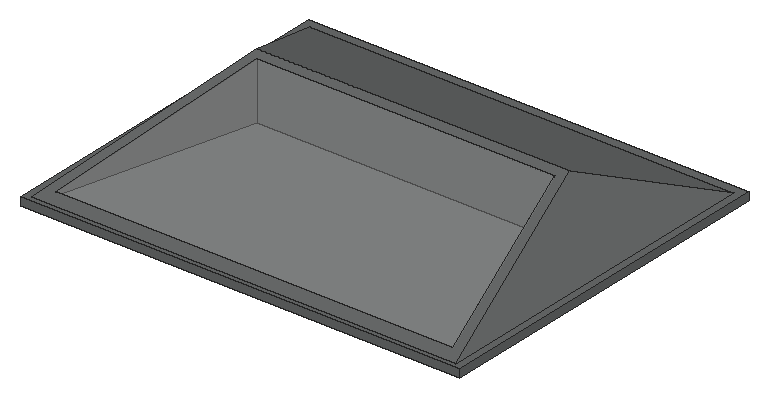
Revit family "LLF", category Lighting Fixtures, host Face, Revit 2021
Family settings
  Host = Face
  Round Connector Dimension = Use Diameter
  Part Type = Normal
  OmniClass Number = 23.80.70.14
  OmniClass Title = Luminaries for External Lighting
  Cut with Voids When Loaded = No
  Light Source = Yes
  Shared = No
  Room Calculation Point = No
Parameters (values of type "LLF")
  Wattage Comments = "21W"
  Wattage = 9.2903 W
  Watt = 21 W
  built-in parameter 1150110 = 1 (stored number, unit not read)
  Voltage = if(Is 120V, 120 V, 270 V)  # 120 V
  URL = "https://www.currentlighting.com/kimlighting"
  Type Comments = "Flood Light"  # constant formula
  built-in parameter 1114217 = 1 (stored number, unit not read)
  Tilt Angle = 90.00°
  built-in parameter 1150109 = 1 (stored number, unit not read)
  built-in parameter 1150134 = 3
  built-in parameter 1150113 = 1 (stored number, unit not read)
  Product Material = Paint - Basic Black
  Product Link = ""
  Product Documentation Link = ""
  Photometric Web File = "llf10p35-20l3k.ies"
  Model = "LLF"
  Manufacturer = "Kim Lighting"  # constant formula
  built-in parameter 1150105 = 109.82 (stored number, unit not read)
  Lumens = 1380 lm
  built-in parameter 1150115 = 1 (stored number, unit not read)
  Load Classification = Lighting
  built-in parameter 1150137 = (empty or 0)
  built-in parameter 1150139 = (empty or 0)
  built-in parameter 1150112 = 1 (stored number, unit not read)
  built-in parameter 1150114 = 1 (stored number, unit not read)
  Lamp = "LED"
  Keynote = "Lighting"  # constant formula
  Is 270V = not(Is 120V)  # no
  Is 120V = yes
  built-in parameter 1150132 = (empty or 0)
  built-in parameter 1150102 = (empty or 0)
  built-in parameter 1150107 = 3200 (stored number, unit not read)
  built-in parameter 1150138 = (empty or 0)
  built-in parameter 1150106 = 1.0982 (stored number, unit not read)
  Glass = Glass
  built-in parameter 1150127 = 10.00"
  Emit from Rectangle Length = 6.00"
  Emit Shape Visible in Rendering = no
  built-in parameter 1150104 = 13.8 (stored number, unit not read)
  Dimming Lamp Color Temperature Shift = <None>
  Description = "Low Level Flood"  # constant formula
  Default Elevation = 48.00"
  Color Filter = 16777215
  built-in parameter 1114218 = 1 (stored number, unit not read)
  Emit from Rectangle Width = 120.00"
  Assembly Code = "D5020200"
  Apparent Load = Watt  # 21 VA
Reference planes (in)
  plane 1 "Center (Front/Back)": y = 0
  plane 2: z = 0
  plane 3 "Center (Left/Right)": x = 0
  plane 4: z = 0.25
  plane 5: x = -6.93
  plane 6: x = 6.93
  plane 7: y = 5.68
  plane 8: y = -5.68
  plane 9: z = 2.125
  plane 10: x = -6.68
  plane 11: x = 6.68
Forms (in)
  Extrusion 1, solid, material "Paint - Basic Black" <- "Product Material"
    sketch origin (0, 0, 0) x (1, 0, 0) y (0, 1, 0)
      loop
        line (-6.93, 5.68) -> (-6.93, -5.68) -> (6.93, -5.68) -> (6.93, 5.68) -> (-6.93, 5.68)
    from 0 to 0.25
  Extrusion 2, solid, material "Paint - Basic Black" <- "Product Material"
    sketch origin (0, 0, 0) x (0, 1, 0) y (0, 0, 1)
      loop
        line (5.43, 0.25) -> (1.15938, 2.125) -> (-5.52298, 0.25) -> (5.43, 0.25)
    from -6.68 to 6.68
  Extrusion 3, void
    sketch origin (0, 0, 0) x (1, 0, 0) y (0, 0, 1)
      loop
        line (-6.68, 0.25) -> (-4.58407, 2.49699) -> (-6.68, 2.49699) -> (-6.68, 0.25)
      loop
        line (6.68, 0.25) -> (6.68, 2.49699) -> (4.58407, 2.49699) -> (6.68, 0.25)
    from -5.68 to 5.68
  Extrusion 4, void
    sketch origin (0, 0, 0) x (1, 0, 0) y (0, 1, 0)
      loop
        line (4.69946, 0.85938) -> (-4.69946, 0.85938) -> (-6.26318, -5.11523) -> (6.26318, -5.11523) -> (4.69946, 0.85938)
    from 0.25 to 12
  Extrusion 5, solid, material "Glass" <- "Glass"
    sketch origin (0, 0, 0) x (1, 0, 0) y (0, 1, 0)
      loop
        line (-6.26318, -5.11523) -> (6.26318, -5.11523) -> (4.69946, 0.85938) -> (-4.69946, 0.85938) -> (-6.26318, -5.11523)
    from 0.25 to 3.21843
  Extrusion 6, void
    sketch origin (0, 0, 0) x (0, 1, 0) y (0, 0, 1)
      loop
        line (1.15938, 2.125) -> (1.15938, 4.125) -> (-5.68, 4.125) -> (-5.68, 0.25) -> (-5.52298, 0.25) -> (1.15938, 2.125)
    from -10.71972 to 12
Cuts and joins
  Extrusion 3, Extrusion 4, Extrusion 6 cuts Extrusion 2
  Extrusion 4, Extrusion 6 cuts Extrusion 1
  Extrusion 6 cuts Extrusion 5
Lines and regions (in)
  reference lines
    curve 1: line (-1.77128, 0, -2.5) -> (-2.16348, 0, 1.48288)
    curve 2: line (-4.22933, 0, -0.60987) -> (7.27411, 0, -0.60987)
    curve 3: line (4.77128, 0, -2.5) -> (5.16348, 0, 1.48288)
    curve 4: line (0, 1.75, 0.125) -> (0, 1.51884, 0.35616)
    curve 5: line (0, 1.51884, 0.35616) -> (0, 0.19036, 0.25)
    curve 6: line (0, -1.08463, 0.25) -> (0, -1.75, 0.125)
Dimensions and locks (in)
  equal spacing: plane 5, plane 3 "Center (Left/Right)", plane 6
  plane 5 to plane 6 = 13.86"
  equal spacing: plane 7, plane 1 "Center (Front/Back)", plane 8
  plane 7 to plane 8 = 11.36"
  locked: plane 4 to plane 2 at 0.25
  plane 9 to plane 2 = 2.125"
  plane 10 to plane 5 = 0.25"
  aligned and locked: plane 2 to host face
  aligned and locked: level to host face
  aligned and locked: Extrusion 1 sketch curve to plane 7
  aligned and locked: plane 5 to Extrusion 1 sketch curve
  aligned and locked: Extrusion 1 sketch curve to plane 8
  aligned and locked: Extrusion 1 sketch curve to plane 6
  aligned and locked: plane 4 to Extrusion 1
  aligned and locked: Extrusion 2 to plane 10
  aligned and locked: Extrusion 2 to plane 11
Automatic sketch dimensions
  host sketch curve to host sketch curve = 96.00"  (x2)
  curve 6 to plane 4 = 0.00"
  curve 5 to plane 4 = 0.00"
  plane 1 "Center (Front/Back)" to curve 6 = 1.75"
  curve 6 to curve 6 = 0.66537"
  curve 5 to plane 1 "Center (Front/Back)" = 0.19036"
  curve 5 to curve 5 = 1.32848"
  curve 4 to curve 4 = 0.23116"
  curve 2 to level = 0.60987"
  plane 5 to curve 2 = 2.70067"
  plane 4 to curve 1 = 1.23288"
  curve 2 to curve 1 = 2.06585"
  curve 2 to curve 1 = 2.45805"
  curve 3 to plane 6 = 2.15872"
  curve 3 to plane 6 = 1.76652"
  plane 6 to curve 2 = 0.34411"
  plane 4 to curve 3 = 1.23288"
  curve 1 to level = 2.50"
  curve 3 to level = 2.50"
  level to curve 4 = 0.35616"
  level to curve 4 = 0.125"
  level to curve 6 = 0.125"
  Extrusion 2 sketch curve to plane 4 = 0.00"
  Extrusion 2 sketch curve to plane 8 = 0.15702"
  Extrusion 2 sketch curve to plane 1 "Center (Front/Back)" = 1.15938"
  Extrusion 2 sketch curve to plane 7 = 0.25"
  plane 4 to Extrusion 2 sketch curve = 1.875"
  Extrusion 3 sketch curve to plane 4 = 0.00"  (x2)
  Extrusion 3 sketch curve to plane 10 = 0.00"
  plane 11 to Extrusion 3 sketch curve = 0.00"
  plane 10 to Extrusion 3 sketch curve = 2.09593"
  plane 11 to Extrusion 3 sketch curve = 2.09593"
  Extrusion 3 sketch curve to Extrusion 3 sketch curve = 2.24699"
  plane 4 to Extrusion 3 sketch curve = 2.24699"
  plane 10 to Extrusion 4 sketch curve = 0.41682"
  Extrusion 4 sketch curve to plane 1 "Center (Front/Back)" = 0.85938"
  Extrusion 4 sketch curve to plane 8 = 0.56477"
  plane 11 to Extrusion 4 sketch curve = 0.41682"
  plane 11 to Extrusion 4 sketch curve = 1.98054"
  plane 10 to Extrusion 4 sketch curve = 1.98054"
  plane 10 to Extrusion 5 sketch curve = 0.41682"
  Extrusion 5 sketch curve to plane 1 "Center (Front/Back)" = 0.85938"
  plane 10 to Extrusion 5 sketch curve = 1.98054"
  plane 11 to Extrusion 5 sketch curve = 1.98054"
  plane 11 to Extrusion 5 sketch curve = 0.41682"
  Extrusion 5 sketch curve to plane 8 = 0.56477"
  Extrusion 6 sketch curve to plane 8 = 0.00"
  Extrusion 6 sketch curve to plane 4 = 0.00"
  Extrusion 6 sketch curve to plane 8 = 0.15702"
  Extrusion 6 sketch curve to plane 1 "Center (Front/Back)" = 1.15938"
  plane 4 to Extrusion 6 sketch curve = 1.875"
  Extrusion 6 sketch curve to Extrusion 6 sketch curve = 2.00"
Connectors (in)
  electrical at (0, 3.29469, 1.1875)
    settings: on cut or joined group of Extrusion 2, Extrusion 3, Extrusion 4, Extrusion 6, index 1, voltage 120 V, apparent load 21 VA, apparent load phase1 0 VA, apparent load phase2 0 VA, apparent load phase3 0 VA, power factor 1, load classification "Other", number of poles 1, system type 30, power factor state 1, is connector primary yes, connector utility no, sub classification motor no, connector description "Lighting Connector"
